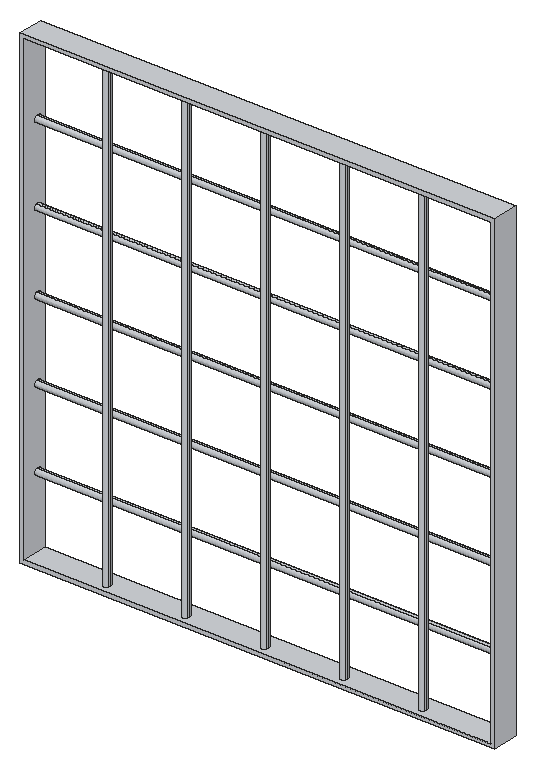
Revit family "BB", category Mechanical Equipment, Revit 2015
Parameters
  VBar Number [instance] = (Bar Width / 2) / Spacing  # 3
  URL = "https://unitedenertech.com/catalog/pdf/K_1%20BB.pdf"
  Type Comments = "Consult Factory for Max. Sizes"
  Spacing [instance] = 0' - 6"
  Model = "BB"
  Manufacturer = "United Enertech Corporation"
  HBar Number [instance] = (Bar Height / 2) / Spacing  # 3
  Exact Width = 3' - 0"
  Exact Height = 3' - 0"
  Description = "Security Bars"
  Bar Width [instance] = Exact Width - 0' 0 1/2"  # 2' - 11 1/2"
  Bar Height [instance] = Exact Height - 0' 0 1/2"  # 2' - 11 1/2"
Reference planes (in)
  plane 1 "Center (Front/Back)": y = 0
  plane 2: z = 0
  plane 3 "Center (Left/Right)": x = 0
  plane 4: z = 36
  plane 5: z = 18
  plane 6: x = -18
  plane 7: x = 18
  plane 8: x = -17.75
  plane 9: z = 0.25
  plane 10: x = 17.75
  plane 11: z = 35.75
  plane 12: y = 2
  plane 13: y = 1.25
  plane 14: y = 0.75
Forms (in)
  Extrusion 1, solid
    sketch origin (0, 0, 0) x (1, 0, 0) y (0, 0, 1)
      loop
        line (-18, 0) -> (18, 0) -> (18, 36) -> (-18, 36) -> (-18, 0)
      loop
        line (-17.75, 0.25) -> (17.75, 0.25) -> (17.75, 35.75) -> (-17.75, 35.75) -> (-17.75, 0.25)
    from -2 to 0
Dimensions and locks (in)
  equal spacing: plane 4, plane 5, level
  "Exact Height": plane 4 to level
  equal spacing: plane 6, plane 3 "Center (Left/Right)", plane 7
  "Exact Width": plane 6 to plane 7
  locked: plane 9 to level at 0.25
  locked: plane 4 to plane 11 at 0.25
  locked: plane 6 to plane 8 at 0.25
  locked: plane 7 to plane 10 at 0.25
  locked: plane 12 to plane 1 "Center (Front/Back)" at 2
  locked: plane 12 to plane 13 at 0.75
  locked: plane 14 to plane 1 "Center (Front/Back)" at 0.75
  equal spacing: group 1, group 2, group 4  (x3)
  "Spacing": nested 1 to nested 3
  equal spacing: group 5, group 3, group 1
  equal spacing: group 1, group 3, group 5  (x2)
  "Spacing": nested 4 to nested 1
  equal spacing: group 6, group 7, group 8  (x2)
  equal spacing: group 8, group 7, group 6
  "Spacing": nested 2 to nested 7
  equal spacing: group 6, group 9, group 10  (x3)
  "Spacing": nested 9 to nested 2
  aligned and locked: level to plane 2
  aligned and locked: plane 6 to Extrusion 1 sketch curve
  aligned and locked: Extrusion 1 sketch curve to level
  aligned and locked: plane 7 to Extrusion 1 sketch curve
  aligned and locked: plane 4 to Extrusion 1 sketch curve
  aligned and locked: Extrusion 1 sketch curve to plane 11
  aligned and locked: plane 8 to Extrusion 1 sketch curve
  aligned and locked: plane 10 to Extrusion 1 sketch curve
  aligned and locked: Extrusion 1 sketch curve to plane 9
  aligned and locked: plane 1 "Center (Front/Back)" to Extrusion 1
  aligned and locked: plane 12 to Extrusion 1
  aligned and locked: plane 3 "Center (Left/Right)" to nested 1
  aligned and locked: nested 1 to plane 14
  aligned and locked: nested 1 to plane 9
  aligned and locked: nested 2 to plane 13
  aligned and locked: plane 3 "Center (Left/Right)" to nested 2
  aligned and locked: plane 5 to nested 2
  aligned and locked: nested 1 to nested 3
  aligned and locked: nested 4 to nested 1
  aligned and locked: nested 7 to nested 2
  aligned and locked: nested 2 to nested 9
Nested families (in)
  nested 1: "VBar" at (0, 0.75, 0.25), type "VBar"
  nested 2: "HBar" at (0, 1.25, 17.76588), type "HBar"
  nested 3: "VBar" at (6, 0.75, 0.25), type "VBar"
  nested 4: "VBar" at (-6, 0.75, 0.25), type "VBar"
  nested 5: "VBar" at (12, 0.75, 0.25), type "VBar"
  nested 6: "VBar" at (-12, 0.75, 0.25), type "VBar"
  nested 7: "HBar" at (0, 1.25, 11.76588), type "HBar"
  nested 8: "HBar" at (0, 1.25, 5.76588), type "HBar"
  nested 9: "HBar" at (0, 1.25, 23.76588), type "HBar"
  nested 10: "HBar" at (0, 1.25, 29.76588), type "HBar"
Definition of nested family "VBar"
  Parameters (values of type "VBar")
    H = 2' - 11 1/2"
  Reference planes (in)
    plane 1 "Center (Front/Back)": y = 0
    plane 2: z = 0
    plane 3 "Center (Left/Right)": x = 0
    plane 4: z = 35.5
  Forms (in)
    Extrusion 1, solid
      sketch origin (0, 0, 0) x (1, 0, 0) y (0, 1, 0)
        loop
          arc (0.22701, 0.10472) -> (-0.25, 0) -> (0.22701, -0.10472) r 0.25
          line (0.22701, -0.10472) -> (0.22701, 0.10472)
      from 0 to 35.5
  Dimensions and locks (in)
    "H": plane 4 to level
    aligned and locked: level to plane 2
    aligned and locked: plane 4 to Extrusion 1
    aligned and locked: Extrusion 1 to level
  Automatic sketch dimensions
    plane 1 "Center (Front/Back)" to Extrusion 1 sketch curve = 0' - 0"
    Extrusion 1 sketch curve to plane 3 "Center (Left/Right)" = 0' - 0"
    plane 3 "Center (Left/Right)" to Extrusion 1 sketch curve = 0' - 0.22701"
    Extrusion 1 sketch curve to plane 1 "Center (Front/Back)" = 0' - 0.10472"
Definition of nested family "HBar"
  Parameters (values of type "HBar")
    W = 2' - 11 1/2"
    H = 4' - 0"
  Reference planes (in)
    plane 1 "Center (Front/Back)": y = 0
    plane 2: z = 0
    plane 3 "Center (Left/Right)": x = 0
    plane 4: x = -17.75
    plane 5: x = 17.75
  Forms (in)
    Extrusion 1, solid
      sketch origin (0, 0, 0) x (0, 1, 0) y (0, 0, 1)
        loop
          arc (-0.08768, 0.23412) -> (0, -0.25) -> (0.08768, 0.23412) r 0.25
          line (0.08768, 0.23412) -> (-0.08768, 0.23412)
      from -17.75 to 17.75
  Dimensions and locks (in)
    equal spacing: plane 5, plane 3 "Center (Left/Right)", plane 4
    "W": plane 5 to plane 4
    aligned and locked: level to plane 2
    aligned and locked: Extrusion 1 to plane 4
    aligned and locked: Extrusion 1 to plane 5
  Automatic sketch dimensions
    Extrusion 1 sketch curve to level = 0' - 0"
    Extrusion 1 sketch curve to plane 1 "Center (Front/Back)" = 0' - 0"
    plane 1 "Center (Front/Back)" to Extrusion 1 sketch curve = 0' - 0.08768"
    level to Extrusion 1 sketch curve = 0' - 0.23412"
